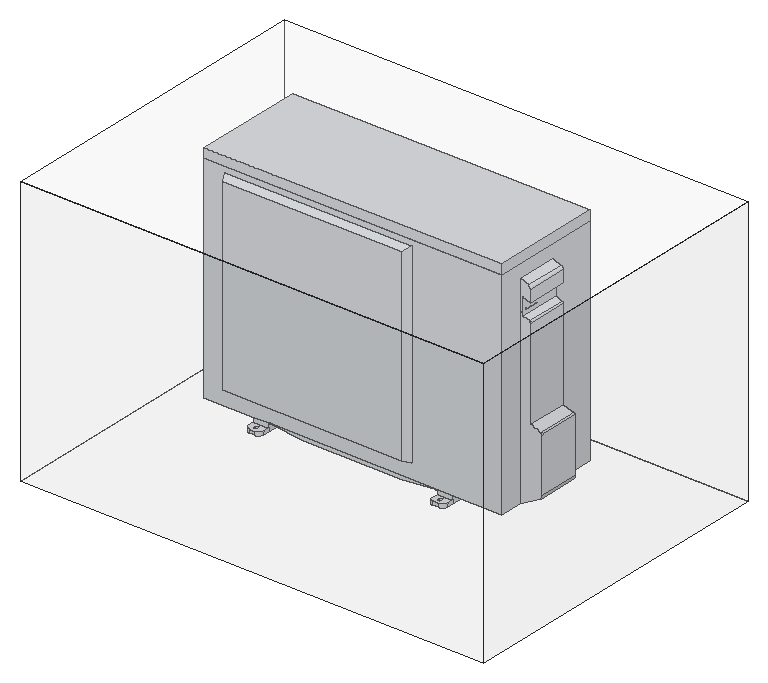
Revit family "puz-zrmp28_63ska13_50hz", category 機械設備, Revit 2019 (continued)
Definition of nested family "PUZ-ZRMP-1"
  Lines and regions (mm)
    model lines, visible <- "タイプ3", not visible
      curve 342: line (-404.5, -100, 907) -> (-404.5, -60, 907)
      curve 343: line (-404.5, -100, 1097) -> (-404.5, -100, 907)
      curve 344: line (-404.5, -60, 1097) -> (-404.5, -100, 1097)
      curve 345: line (-404.5, -60, 907) -> (-404.5, -60, 1097)
      curve 346: line (-404.5, 60, 907) -> (-404.5, 100, 907)
      curve 347: line (-404.5, 60, 1097) -> (-404.5, 60, 907)
      curve 348: line (-404.5, 100, 1097) -> (-404.5, 60, 1097)
      curve 349: line (-404.5, 100, 907) -> (-404.5, 100, 1097)
      curve 350: line (-404.5, -46.667, 907) -> (-404.5, -6.667, 907)
      curve 351: line (-404.5, -46.667, 1097) -> (-404.5, -46.667, 907)
      curve 352: line (-404.5, -6.667, 1097) -> (-404.5, -46.667, 1097)
      curve 353: line (-404.5, -6.667, 907) -> (-404.5, -6.667, 1097)
      curve 354: line (-404.5, 6.667, 907) -> (-404.5, 46.667, 907)
      curve 355: line (-404.5, 6.667, 1097) -> (-404.5, 6.667, 907)
      curve 356: line (-404.5, 46.667, 1097) -> (-404.5, 6.667, 1097)
      curve 357: line (-404.5, 46.667, 907) -> (-404.5, 46.667, 1097)
      curve 358: line (-404.5, -100, 1112) -> (-404.5, -60, 1112)
      curve 359: line (-404.5, -100, 1302) -> (-404.5, -100, 1112)
      curve 360: line (-404.5, -60, 1302) -> (-404.5, -100, 1302)
      curve 361: line (-404.5, -60, 1112) -> (-404.5, -60, 1302)
      curve 362: line (-404.5, 60, 1112) -> (-404.5, 100, 1112)
      curve 363: line (-404.5, 60, 1302) -> (-404.5, 60, 1112)
      curve 364: line (-404.5, 100, 1302) -> (-404.5, 60, 1302)
      curve 365: line (-404.5, 100, 1112) -> (-404.5, 100, 1302)
      curve 366: line (-404.5, -46.667, 1112) -> (-404.5, -6.667, 1112)
      curve 367: line (-404.5, -46.667, 1302) -> (-404.5, -46.667, 1112)
      curve 368: line (-404.5, -6.667, 1302) -> (-404.5, -46.667, 1302)
      curve 369: line (-404.5, -6.667, 1112) -> (-404.5, -6.667, 1302)
      curve 370: line (-404.5, 6.667, 1112) -> (-404.5, 46.667, 1112)
      curve 371: line (-404.5, 6.667, 1302) -> (-404.5, 6.667, 1112)
      curve 372: line (-404.5, 46.667, 1302) -> (-404.5, 6.667, 1302)
      curve 373: line (-404.5, 46.667, 1112) -> (-404.5, 46.667, 1302)
    model lines, visible <- "タイプ2", not visible
      curve 374: line (-600, -100, 33.5) -> (-600, -60, 33.5)
      curve 375: line (-600, -100, 73.5) -> (-600, -100, 33.5)
      curve 376: line (-600, -60, 73.5) -> (-600, -100, 73.5)
      curve 377: line (-600, -60, 33.5) -> (-600, -60, 73.5)
      curve 378: line (-600, 60, 33.5) -> (-600, 100, 33.5)
      curve 379: line (-600, 60, 73.5) -> (-600, 60, 33.5)
      curve 380: line (-600, 100, 73.5) -> (-600, 60, 73.5)
      curve 381: line (-600, 100, 33.5) -> (-600, 100, 73.5)
      curve 382: line (-509, -46.667, 33.5) -> (-509, -6.667, 33.5)
      curve 383: line (-509, -46.667, 73.5) -> (-509, -46.667, 33.5)
      curve 384: line (-509, -6.667, 73.5) -> (-509, -46.667, 73.5)
      curve 385: line (-509, -6.667, 33.5) -> (-509, -6.667, 73.5)
      curve 386: line (-509, 6.667, 33.5) -> (-509, 46.667, 33.5)
      curve 387: line (-509, 6.667, 73.5) -> (-509, 6.667, 33.5)
      curve 388: line (-509, 46.667, 73.5) -> (-509, 6.667, 73.5)
      curve 389: line (-509, 46.667, 33.5) -> (-509, 46.667, 73.5)
      curve 483: line (-404.5, -100, 33.5) -> (-404.5, -60, 33.5)
      curve 484: line (-404.5, -100, 73.5) -> (-404.5, -100, 33.5)
      curve 485: line (-404.5, -60, 73.5) -> (-404.5, -100, 73.5)
      curve 486: line (-404.5, -60, 33.5) -> (-404.5, -60, 73.5)
      curve 487: line (-404.5, 60, 33.5) -> (-404.5, 100, 33.5)
      curve 488: line (-404.5, 60, 73.5) -> (-404.5, 60, 33.5)
      curve 489: line (-404.5, 100, 73.5) -> (-404.5, 60, 73.5)
      curve 490: line (-404.5, 100, 33.5) -> (-404.5, 100, 73.5)
      curve 491: line (-404.5, -46.667, 33.5) -> (-404.5, -6.667, 33.5)
      curve 492: line (-404.5, -46.667, 73.5) -> (-404.5, -46.667, 33.5)
      curve 493: line (-404.5, -6.667, 73.5) -> (-404.5, -46.667, 73.5)
      curve 494: line (-404.5, -6.667, 33.5) -> (-404.5, -6.667, 73.5)
      curve 495: line (-404.5, 6.667, 33.5) -> (-404.5, 46.667, 33.5)
      curve 496: line (-404.5, 6.667, 73.5) -> (-404.5, 6.667, 33.5)
      curve 497: line (-404.5, 46.667, 73.5) -> (-404.5, 6.667, 73.5)
      curve 498: line (-404.5, 46.667, 33.5) -> (-404.5, 46.667, 73.5)
    model lines, not visible
      curve 390: line (-404.5, -100, 87) -> (-404.5, -60, 87)
      curve 391: line (-404.5, -100, 277) -> (-404.5, -100, 87)
      curve 392: line (-404.5, -60, 277) -> (-404.5, -100, 277)
      curve 393: line (-404.5, -60, 87) -> (-404.5, -60, 277)
      curve 394: line (-404.5, -100, 292) -> (-404.5, -60, 292)
      curve 395: line (-404.5, -100, 482) -> (-404.5, -100, 292)
      curve 396: line (-404.5, -60, 482) -> (-404.5, -100, 482)
      curve 397: line (-404.5, -60, 292) -> (-404.5, -60, 482)
      curve 398: line (-404.5, -100, 497) -> (-404.5, -60, 497)
      curve 399: line (-404.5, -100, 687) -> (-404.5, -100, 497)
      curve 400: line (-404.5, -60, 687) -> (-404.5, -100, 687)
      curve 401: line (-404.5, -60, 497) -> (-404.5, -60, 687)
      curve 402: line (-404.5, -100, 702) -> (-404.5, -60, 702)
      curve 403: line (-404.5, -100, 892) -> (-404.5, -100, 702)
      curve 404: line (-404.5, -60, 892) -> (-404.5, -100, 892)
      curve 405: line (-404.5, -60, 702) -> (-404.5, -60, 892)
      curve 406: line (-404.5, 60, 87) -> (-404.5, 100, 87)
      curve 407: line (-404.5, 60, 277) -> (-404.5, 60, 87)
      curve 408: line (-404.5, 100, 277) -> (-404.5, 60, 277)
      curve 409: line (-404.5, 100, 87) -> (-404.5, 100, 277)
      curve 410: line (-404.5, -46.667, 87) -> (-404.5, -6.667, 87)
      curve 411: line (-404.5, -46.667, 277) -> (-404.5, -46.667, 87)
      curve 412: line (-404.5, -6.667, 277) -> (-404.5, -46.667, 277)
      curve 413: line (-404.5, -6.667, 87) -> (-404.5, -6.667, 277)
      curve 414: line (-404.5, 6.667, 87) -> (-404.5, 46.667, 87)
      curve 415: line (-404.5, 6.667, 277) -> (-404.5, 6.667, 87)
      curve 416: line (-404.5, 46.667, 277) -> (-404.5, 6.667, 277)
      curve 417: line (-404.5, 46.667, 87) -> (-404.5, 46.667, 277)
      curve 418: line (-404.5, 60, 292) -> (-404.5, 100, 292)
      curve 419: line (-404.5, 60, 482) -> (-404.5, 60, 292)
      curve 420: line (-404.5, 100, 482) -> (-404.5, 60, 482)
      curve 421: line (-404.5, 100, 292) -> (-404.5, 100, 482)
      curve 422: line (-404.5, 60, 702) -> (-404.5, 100, 702)
      curve 423: line (-404.5, 60, 892) -> (-404.5, 60, 702)
      curve 424: line (-404.5, 100, 892) -> (-404.5, 60, 892)
      curve 425: line (-404.5, 100, 702) -> (-404.5, 100, 892)
      curve 426: line (-404.5, -46.667, 292) -> (-404.5, -6.667, 292)
      curve 427: line (-404.5, -46.667, 482) -> (-404.5, -46.667, 292)
      curve 428: line (-404.5, -6.667, 482) -> (-404.5, -46.667, 482)
      curve 429: line (-404.5, -6.667, 292) -> (-404.5, -6.667, 482)
      curve 430: line (-404.5, -46.667, 497) -> (-404.5, -6.667, 497)
      curve 431: line (-404.5, -46.667, 687) -> (-404.5, -46.667, 497)
      curve 432: line (-404.5, -6.667, 687) -> (-404.5, -46.667, 687)
      curve 433: line (-404.5, -6.667, 497) -> (-404.5, -6.667, 687)
      curve 434: line (-404.5, -46.667, 702) -> (-404.5, -6.667, 702)
      curve 435: line (-404.5, -46.667, 892) -> (-404.5, -46.667, 702)
      curve 436: line (-404.5, -6.667, 892) -> (-404.5, -46.667, 892)
      curve 437: line (-404.5, -6.667, 702) -> (-404.5, -6.667, 892)
      curve 438: line (-404.5, 6.667, 292) -> (-404.5, 46.667, 292)
      curve 439: line (-404.5, 6.667, 482) -> (-404.5, 6.667, 292)
      curve 440: line (-404.5, 46.667, 482) -> (-404.5, 6.667, 482)
      curve 441: line (-404.5, 46.667, 292) -> (-404.5, 46.667, 482)
      curve 442: line (-404.5, 6.667, 497) -> (-404.5, 46.667, 497)
      curve 443: line (-404.5, 6.667, 687) -> (-404.5, 6.667, 497)
      curve 444: line (-404.5, 46.667, 687) -> (-404.5, 6.667, 687)
      curve 445: line (-404.5, 46.667, 497) -> (-404.5, 46.667, 687)
      curve 446: line (-404.5, 6.667, 702) -> (-404.5, 46.667, 702)
      curve 447: line (-404.5, 6.667, 892) -> (-404.5, 6.667, 702)
      curve 448: line (-404.5, 46.667, 892) -> (-404.5, 6.667, 892)
      curve 449: line (-404.5, 46.667, 702) -> (-404.5, 46.667, 892)
      curve 450: line (-338.5, -173.2, 372.5) -> (149.5, -173.2, 372.5)
      curve 451: line (149.5, -173.2, 277.5) -> (-338.5, -173.2, 277.5)
      curve 452: line (-338.5, -173.2, 467.5) -> (149.5, -173.2, 467.5)
      curve 453: line (-338.5, -173.2, 562.5) -> (149.5, -173.2, 562.5)
      curve 454: line (149.5, -173.2, 182.5) -> (-338.5, -173.2, 182.5)
      curve 455: line (149.5, -173.2, 87.5) -> (-338.5, -173.2, 87.5)
      curve 456: line (-321.071, -173.2, 579) -> (-321.071, -173.2, 71)
      curve 457: line (132.071, -173.2, 71) -> (132.071, -173.2, 579)
      curve 458: line (-303.643, -173.2, 579) -> (-303.643, -173.2, 71)
      curve 459: line (-286.214, -173.2, 579) -> (-286.214, -173.2, 71)
      curve 460: line (-268.786, -173.2, 579) -> (-268.786, -173.2, 71)
      curve 461: line (-251.357, -173.2, 579) -> (-251.357, -173.2, 71)
      curve 462: line (-233.929, -173.2, 579) -> (-233.929, -173.2, 71)
      curve 463: line (-216.5, -173.2, 579) -> (-216.5, -173.2, 71)
      curve 464: line (-199.071, -173.2, 579) -> (-199.071, -173.2, 71)
      curve 465: line (-181.643, -173.2, 579) -> (-181.643, -173.2, 71)
      curve 466: line (-164.214, -173.2, 579) -> (-164.214, -173.2, 71)
      curve 467: line (-146.786, -173.2, 579) -> (-146.786, -173.2, 71)
      curve 468: line (-129.357, -173.2, 579) -> (-129.357, -173.2, 71)
      curve 469: line (-111.929, -173.2, 579) -> (-111.929, -173.2, 71)
      curve 470: line (-94.5, -173.2, 579) -> (-94.5, -173.2, 71)
      curve 471: line (-77.071, -173.2, 579) -> (-77.071, -173.2, 71)
      curve 472: line (-59.643, -173.2, 579) -> (-59.643, -173.2, 71)
      curve 473: line (-42.214, -173.2, 579) -> (-42.214, -173.2, 71)
      curve 474: line (-24.786, -173.2, 579) -> (-24.786, -173.2, 71)
      curve 475: line (-7.357, -173.2, 579) -> (-7.357, -173.2, 71)
      curve 476: line (10.071, -173.2, 579) -> (10.071, -173.2, 71)
      curve 477: line (27.5, -173.2, 579) -> (27.5, -173.2, 71)
      curve 478: line (44.929, -173.2, 579) -> (44.929, -173.2, 71)
      curve 479: line (62.357, -173.2, 579) -> (62.357, -173.2, 71)
      curve 480: line (79.786, -173.2, 579) -> (79.786, -173.2, 71)
      curve 481: line (97.214, -173.2, 579) -> (97.214, -173.2, 71)
      curve 482: line (114.643, -173.2, 579) -> (114.643, -173.2, 71)
    symbolic lines, visible <- "タイプ1"
      curve 499: line (-278.151, 150, 630) -> (-404.5, 150, 630)
      curve 500: line (-404.5, 150, 630) -> (-404.5, -5.599, 630)
      curve 501: line (-404.5, 40, 630) -> (-424.5, 30, 630)
      curve 502: line (-424.5, 30, 630) -> (-424.5, -30, 630)
      curve 503: line (-424.5, -30, 630) -> (-404.5, -40, 630)
      curve 504: line (-404.5, -5.599, 630) -> (-404.5, -150, 630)
      curve 505: line (-404.5, -150, 630) -> (-301.612, -150, 630)
      curve 506: arc (-272.806, -170, 630) -> (-268.124, -177.204, 630) -> (-260, -180, 630) r 13.2
      curve 507: line (-260, -180, 630) -> (-243.332, -180, 630)
      curve 508: arc (-243.332, -180, 630) -> (-235.208, -177.204, 630) -> (-230.526, -170, 630) r 13.2
      curve 509: line (-301.612, -150, 630) -> (280.999, -150, 630)
      curve 510: line (230, -150, 630) -> (230, -170, 630)
      curve 511: arc (230, -170, 630) -> (232.929, -177.071, 630) -> (240, -180, 630) r 10
      curve 512: line (240, -180, 630) -> (256.8, -180, 630)
      curve 513: arc (256.8, -180, 630) -> (266.134, -176.134, 630) -> (270, -166.8, 630) r 13.2
      curve 514: line (270, -166.8, 630) -> (270, -150, 630)
      curve 515: line (280.999, -150, 630) -> (404.5, -150, 630)
      curve 516: line (404.5, -150, 630) -> (404.5, -77.105, 630)
      curve 517: line (404.5, -90, 630) -> (466.5, -90, 630)
      curve 518: line (466.5, -90, 630) -> (466.5, 20, 630)
      curve 519: line (466.5, 20, 630) -> (404.5, 20, 630)
      curve 520: line (404.5, -77.105, 630) -> (404.5, 150, 630)
      curve 521: line (404.5, 150, 630) -> (308.975, 150, 630)
      curve 522: line (270, 150, 630) -> (270, 180, 630)
      curve 523: line (270, 180, 630) -> (230, 180, 630)
      curve 524: line (230, 180, 630) -> (230, 150, 630)
      curve 525: line (308.975, 150, 630) -> (-278.151, 150, 630)
      curve 526: line (-230, 150, 630) -> (-230, 180, 630)
      curve 527: line (-230, 180, 630) -> (-270, 180, 630)
      curve 528: line (-270, 180, 630) -> (-270, 150, 630)
      curve 529: line (-324.5, 100, 630) -> (324.5, 100, 630)
      curve 530: line (-324.5, 40, 630) -> (-324.5, 100, 630)
      curve 531: line (324.5, 40, 630) -> (-324.5, 40, 630)
      curve 532: line (324.5, 100, 630) -> (324.5, 40, 630)
      curve 533: line (324.5, 30, 630) -> (-324.5, 30, 630)
      curve 534: line (324.5, -30, 630) -> (324.5, 30, 630)
      curve 535: line (-324.5, -30, 630) -> (324.5, -30, 630)
      curve 536: line (-324.5, 30, 630) -> (-324.5, -30, 630)
      curve 537: line (-324.5, -40, 630) -> (324.5, -40, 630)
      curve 538: line (-324.5, -100, 630) -> (-324.5, -40, 630)
      curve 539: line (324.5, -100, 630) -> (-324.5, -100, 630)
      curve 540: line (324.5, -40, 630) -> (324.5, -100, 630)
      curve 541: line (339.5, 100, 630) -> (354.5, 100, 630)
      curve 542: line (339.5, -100, 630) -> (339.5, 100, 630)
      curve 543: line (354.5, -100, 630) -> (339.5, -100, 630)
      curve 544: line (354.5, 100, 630) -> (354.5, -100, 630)
      curve 545: line (-354.5, 100, 630) -> (-339.5, 100, 630)
      curve 546: line (-354.5, -100, 630) -> (-354.5, 100, 630)
      curve 547: line (-339.5, -100, 630) -> (-354.5, -100, 630)
      curve 548: line (-339.5, 100, 630) -> (-339.5, -100, 630)
      curve 549: line (-338.5, -170, 630) -> (149.5, -170, 630)
      curve 550: line (149.5, -170, 630) -> (159.5, -150, 630)
      curve 551: line (-348.5, -150, 630) -> (-338.5, -170, 630)
  Dimensions and locks
    equal spacing: plane 8, plane 1 "中心(正面/背面)", plane 7
    "奥行き": plane 8 to plane 7
    equal spacing: plane 5, plane 3 "中心(左/右)", plane 6
    "幅さ": plane 5 to plane 6
    "高さ": plane 4 to level
    locked: plane 6 to plane 9 at 62
    locked: plane 8 to plane 10 at 60
    locked: plane 8 to plane 11 at 170
    locked: plane 4 to plane 12 at 25
    locked: plane 13 to plane 5 at 20
    "吊りボルト-D": plane 17 to plane 16
    equal spacing: plane 17, plane 1 "中心(正面/背面)", plane 16
    equal spacing: plane 14, plane 3 "中心(左/右)", plane 15
    "吊りボルト-W": plane 14 to plane 15
    plane 21 to plane 14 to plane 20 = 20 mm locked, 20 mm locked
    plane 19 to plane 15 to plane 18 = 20 mm locked, 20 mm locked
    locked: plane 16 to plane 22 at 15
    locked: plane 23 to plane 17 at 15
    locked: plane 24 to level at 8.5
    locked: plane 25 to level at 20
    locked: plane 26 to plane 24 at 3
    locked: plane 4 to plane 29 at 5
    plane 7 to plane 1 "中心(正面/背面)" to plane 8 = 150 mm, 150 mm
    plane 31 to plane 1 "中心(正面/背面)" to plane 30 = 40 mm locked, 40 mm locked
    plane 33 to plane 1 "中心(正面/背面)" to plane 32 = 30 mm locked, 30 mm locked
    locked: plane 34 to plane 12 at 5
    locked: plane 35 to level at 55
    locked: plane 36 to level at 225
    equal spacing: plane 6, plane 39, plane 9
    locked: plane 6 to plane 38 at 10
    locked: plane 20 to plane 27 at 95
    locked: plane 28 to plane 19 at 95
    "換気-D": plane 40 to plane 8
    "換気-W": plane 41 to plane 5
    "換気-H1": plane 42 to level
    plane 43 to plane 41 to plane 44 = 254 mm locked, 254 mm locked
    plane 45 to plane 42 to plane 46 = 264 mm locked, 264 mm locked
    locked: plane 43 to plane 48 at 10
    locked: plane 47 to plane 44 at 10
    locked: plane 45 to plane 49 at 10
    locked: plane 50 to plane 46 at 10
    locked: curve 26 to plane 50 at 16.5
    locked: plane 49 to curve 24 at 16.5
    equal spacing: curve 24, curve 23, curve 21, curve 22, curve 25, curve 26
    equal spacing: plane 48, curve 28, curve 53, curve 52, curve 51, curve 50, curve 49, curve 48, curve 47, curve 46, curve 45, curve 44, curve 43, curve 42, curve 41, curve 40, curve 39, curve 38, curve 37, curve 36, curve 35, curve 34, curve 33, curve 32, curve 31, curve 30, curve 29, curve 27, plane 47
    locked: curve 4 to curve 6 at 10
    locked: curve 3 to curve 5 at 10
    locked: plane 51 to plane 7 at 50
    locked: plane 8 to plane 52 at 50
    equal spacing: group 1, group 2, group 3, group 4, group 5, group 6, group 7, group 8, group 9, group 10, group 11, group 12, group 13, group 14, group 15, group 16, group 17, group 18  (x2)
    equal spacing: group 18, group 17, group 16, group 15, group 14, group 13, group 12, group 11, group 10, group 9, group 8, group 7, group 6, group 5, group 4, group 3, group 2, group 1
    "ドレン管径-X": plane 5 to plane 53
    "ドレン管径-Y": plane 8 to plane 54
    "配線取出口-Y": plane 57 to plane 7
    "冷媒液管径-Y": plane 58 to plane 7
    "冷媒ガス管径-Y": plane 59 to plane 7
    "配線取出口-X": plane 3 "中心(左/右)" to plane 56
    "冷媒ガス管径-X": plane 3 "中心(左/右)" to plane 55
    "冷媒液管径-X": plane 3 "中心(左/右)" to plane 60
    "冷媒液管径-Z": plane 62 to level
    "冷媒ガス管径-Z": plane 61 to level
    "配線取出口-Z": plane 63 to level
    locked: plane 57 to plane 64 at 50
    locked: plane 65 to plane 61 at 37.8
    locked: plane 66 to plane 62 at 16.1
    equal spacing: plane 55, plane 67, plane 60
    equal spacing: plane 58, plane 68, plane 59
    "a": plane 69 "グループ" to plane 3 "中心(左/右)"
    plane 71 to level = 943 mm
    plane 70 to level = 1338 mm
    locked: plane 37 to level at 570
    curve 21 to plane 42 to curve 22 = 47.5 mm locked, 47.5 mm locked
    "換気-H2": plane 72 to plane 42
    plane 73 to plane 72 to plane 74 = 264 mm locked, 264 mm locked
    locked: plane 76 to plane 74 at 10
    locked: plane 73 to plane 75 at 10
    plane 48 to plane 47 = 488 mm
    plane 68 to plane 7 = 185.5 mm
    plane 61 to level = 99.5 mm
    plane 65 to plane 61 = 37.8 mm
    plane 62 to level = 164.5 mm
    plane 66 to plane 62 = 16.1 mm
    plane 68 to plane 77 to plane 78 = 23 mm locked, 17.5 mm locked
    plane 68 to plane 77 = 23 mm
    plane 77 to plane 78 = 17.5 mm
    equal spacing: plane 77, plane 79, plane 78
    "ドレン配管サイズ": diameter of Extrusion 3 sketch curve
    "配線取出口サイズ": diameter of Extrusion 9 sketch curve
    "吊りボルト-φ": diameter of Extrusion 10 sketch curve  (x4)
    "冷媒配管サイズ": diameter of Sweep 11 sketch curve
    "ガス配管サイズ": diameter of Sweep 12 sketch curve
    aligned and locked: level to plane 2
    aligned and locked: Extrusion 1 to level
    aligned and locked: plane 25 to Extrusion 1
    aligned and locked: Extrusion 2 sketch curve to plane 25
    aligned and locked: Extrusion 2 sketch curve to plane 26
    aligned and locked: Extrusion 2 to plane 7
    aligned and locked: plane 8 to Extrusion 2
    aligned and locked: Extrusion 3 to plane 26
    aligned and locked: Extrusion 3 to plane 24
    aligned and locked: Extrusion 4 sketch curve to plane 7
    aligned and locked: Extrusion 4 sketch curve to plane 8
    aligned and locked: Extrusion 4 sketch curve to plane 5
    aligned and locked: Extrusion 4 sketch curve to plane 6
    aligned and locked: Extrusion 4 to plane 25
    aligned and locked: plane 12 to Extrusion 4
    aligned and locked: Extrusion 5 sketch curve to Extrusion 4  (x4)
    aligned and locked: Extrusion 5 to plane 12
    aligned and locked: plane 4 to Extrusion 5
    aligned and locked: plane 29 to Blend 6 sketch curve
    aligned and locked: Blend 6 sketch curve to plane 31
    aligned and locked: Blend 6 sketch curve to plane 12  (x2)
    aligned and locked: plane 30 to Blend 6 sketch curve
    aligned and locked: plane 34 to Blend 6 sketch curve
    aligned and locked: Blend 6 sketch curve to plane 33
    aligned and locked: plane 32 to Blend 6 sketch curve
    aligned and locked: Blend 6 to plane 13
    aligned and locked: plane 5 to Blend 6
    aligned and locked: Extrusion 7 sketch curve to plane 6
    aligned and locked: Extrusion 7 sketch curve to plane 9
    aligned and locked: Extrusion 7 sketch curve to plane 39
    aligned and locked: Extrusion 7 sketch curve to Extrusion 7 sketch curve
    aligned and locked: Extrusion 7 sketch curve to plane 38
    aligned and locked: Extrusion 7 to plane 11
    aligned and locked: plane 10 to Extrusion 7
    aligned and locked: Blend 8 sketch curve to plane 45
    aligned and locked: Blend 8 sketch curve to plane 46
    aligned and locked: Blend 8 sketch curve to plane 44
    aligned and locked: Blend 8 sketch curve to plane 43
    aligned and locked: Blend 8 sketch curve to plane 49
    aligned and locked: Blend 8 sketch curve to plane 47
    aligned and locked: Blend 8 sketch curve to plane 48
    aligned and locked: Blend 8 sketch curve to plane 50
    aligned and locked: Blend 8 to plane 8
    aligned and locked: plane 40 to Blend 8
    aligned and locked: curve 17 to plane 51
    aligned and locked: curve 1 to plane 51
    aligned and locked: plane 51 to curve 19
    aligned and locked: curve 18 to plane 52
    aligned and locked: plane 52 to curve 2
    aligned and locked: plane 52 to curve 20
    aligned and locked: plane 53 to Extrusion 3 sketch curve
    aligned and locked: plane 54 to Extrusion 3 sketch curve
    aligned and locked: plane 63 to Extrusion 9 sketch curve
    aligned and locked: plane 56 to Extrusion 9 sketch curve
    aligned and locked: plane 57 to Extrusion 9
    aligned and locked: Extrusion 9 to plane 64
    aligned and locked: plane 22 to Extrusion 10 sketch curve  (x4)
    aligned and locked: plane 21 to Extrusion 10 sketch curve
    aligned and locked: Extrusion 2 to Extrusion 10 sketch curve  (x2)
    aligned and locked: Extrusion 10 sketch curve to Extrusion 1  (x6)
    aligned and locked: plane 19 to Extrusion 10 sketch curve
    aligned and locked: Extrusion 10 sketch curve to plane 23  (x2)
    aligned and locked: Extrusion 10 sketch curve to plane 18
    aligned and locked: Extrusion 10 sketch curve to plane 20
    aligned and locked: plane 16 to Extrusion 10 sketch curve  (x2)
    aligned and locked: plane 14 to Extrusion 10 sketch curve  (x2)
    aligned and locked: plane 17 to Extrusion 10 sketch curve  (x2)
    aligned and locked: plane 15 to Extrusion 10 sketch curve  (x2)
    aligned and locked: level to Extrusion 10
    aligned and locked: plane 24 to Extrusion 10
    aligned and locked: Masking region 1 sketch curve to Extrusion 5  (x4)
    aligned and locked: Masking region 1 sketch curve to Blend 6  (x3)
    aligned and locked: Masking region 1 sketch curve to Extrusion 7  (x2)
    aligned and locked: Masking region 1 sketch curve to plane 9
    aligned and locked: Masking region 1 sketch curve to Extrusion 10  (x8)
    aligned and locked: Masking region 1 to curve 499
    aligned and locked: curve 500 to Masking region 1
    aligned and locked: curve 501 to Masking region 1
    aligned and locked: curve 502 to Masking region 1
    aligned and locked: curve 503 to Masking region 1
    aligned and locked: curve 504 to Masking region 1
    aligned and locked: curve 505 to Masking region 1
    aligned and locked: curve 506 to Masking region 1
    aligned and locked: curve 508 to Masking region 1
    aligned and locked: curve 510 to Masking region 1
    aligned and locked: curve 511 to Masking region 1
    aligned and locked: curve 513 to Masking region 1
    aligned and locked: Masking region 1 to curve 515
    aligned and locked: curve 516 to Masking region 1
    aligned and locked: curve 517 to Masking region 1
    aligned and locked: curve 518 to Masking region 1
    aligned and locked: curve 519 to Masking region 1
    aligned and locked: curve 520 to Masking region 1
    aligned and locked: curve 521 to Masking region 1
    aligned and locked: curve 522 to Masking region 1
    aligned and locked: curve 523 to Masking region 1
    aligned and locked: curve 524 to Masking region 1
    aligned and locked: curve 525 to Masking region 1
    aligned and locked: curve 526 to Masking region 1
    aligned and locked: curve 527 to Masking region 1
    aligned and locked: curve 528 to Masking region 1
    aligned and locked: curve 532 to curve 12
    aligned and locked: Masking region 1 sketch curve to curve 21
    aligned and locked: Masking region 1 sketch curve to Blend 8  (x2)
    aligned and locked: curve 549 to Blend 8
    aligned and locked: curve 550 to Blend 8
    aligned and locked: curve 551 to Blend 8
    aligned and locked: plane 78 to Sweep 12 sketch curve
    aligned and locked: plane 58 to Sweep 12 sketch curve
    aligned and locked: plane 77 to Sweep 11 sketch curve
    aligned and locked: plane 58 to Sweep 11 sketch curve
    aligned and locked: plane 61 to Sweep 12 sketch curve
  Automatic sketch dimensions
    Extrusion 2 sketch curve to plane 20 = 0 mm
    Extrusion 2 sketch curve to plane 27 = 0 mm
    Extrusion 2 sketch curve to plane 28 = 0 mm
    Extrusion 2 sketch curve to plane 19 = 0 mm
    Extrusion 7 sketch curve to plane 39 = 0 mm
    Extrusion 7 sketch curve to plane 25 = 0 mm
    Extrusion 7 sketch curve to plane 36 = 0 mm
    Extrusion 7 sketch curve to plane 37 = 0 mm
    Extrusion 7 sketch curve to Extrusion 7 sketch curve = 10 mm
    Extrusion 7 sketch curve to plane 39 = 6.58 mm
    Extrusion 7 sketch curve to Extrusion 7 sketch curve = 5 mm  (x2)
    plane 39 to Extrusion 7 sketch curve = 21 mm
    Extrusion 7 sketch curve to plane 39 = 3.29 mm
    Extrusion 7 sketch curve to plane 9 = 3.29 mm
    Extrusion 7 sketch curve to plane 35 = 2.87 mm
    Extrusion 7 sketch curve to Extrusion 7 sketch curve = 81.633 mm
    Extrusion 7 sketch curve to Extrusion 7 sketch curve = 30.244 mm
    Extrusion 7 sketch curve to Extrusion 7 sketch curve = 7.643 mm
    plane 7 to Extrusion 1 sketch curve = 0 mm  (x2)
    Extrusion 1 sketch curve to plane 18 = 0 mm
    plane 8 to Extrusion 1 sketch curve = 0 mm  (x2)
    Extrusion 1 sketch curve to plane 19 = 0 mm
    Extrusion 1 sketch curve to plane 20 = 0 mm
    Extrusion 1 sketch curve to plane 21 = 0 mm
    curve 383 to curve 384 = 40 mm
    curve 382 to curve 386 = 13.333 mm
    curve 386 to curve 386 = 40 mm
    curve 382 to curve 389 = 0 mm
    curve 382 to curve 384 = 40 mm
    curve 384 to curve 387 = 0 mm
    curve 375 to curve 376 = 40 mm
    curve 374 to curve 378 = 120 mm
    curve 378 to curve 378 = 40 mm
    curve 374 to curve 381 = 0 mm
    curve 374 to curve 376 = 40 mm
    curve 378 to curve 379 = 40 mm
    curve 25 to plane 47 = 0 mm
    curve 24 to plane 47 = 0 mm
    curve 22 to plane 47 = 0 mm
    curve 23 to plane 47 = 0 mm
    curve 26 to plane 47 = 0 mm
    curve 21 to plane 47 = 0 mm
    curve 24 to plane 48 = 0 mm
    curve 25 to plane 48 = 0 mm
    curve 26 to plane 48 = 0 mm
    curve 23 to plane 48 = 0 mm
    curve 22 to plane 48 = 0 mm
    curve 21 to plane 48 = 0 mm
    curve 37 to plane 50 = 0 mm
    curve 52 to plane 50 = 0 mm
    curve 51 to plane 50 = 0 mm
    curve 50 to plane 50 = 0 mm
    curve 49 to plane 50 = 0 mm
    curve 48 to plane 50 = 0 mm
    curve 47 to plane 50 = 0 mm
    curve 46 to plane 50 = 0 mm
    curve 45 to plane 50 = 0 mm
    curve 44 to plane 50 = 0 mm
    curve 43 to plane 50 = 0 mm
    curve 42 to plane 50 = 0 mm
    curve 41 to plane 50 = 0 mm
    curve 27 to plane 50 = 0 mm
    curve 28 to plane 50 = 0 mm
    curve 40 to plane 50 = 0 mm
    curve 39 to plane 50 = 0 mm
    curve 29 to plane 50 = 0 mm
    curve 38 to plane 50 = 0 mm
    curve 30 to plane 50 = 0 mm
    curve 53 to plane 50 = 0 mm
    curve 31 to plane 50 = 0 mm
    curve 36 to plane 50 = 0 mm
    curve 32 to plane 50 = 0 mm
    curve 35 to plane 50 = 0 mm
    curve 33 to plane 50 = 0 mm
    curve 34 to plane 50 = 0 mm
    curve 28 to plane 49 = 0 mm
    curve 41 to plane 49 = 0 mm
    curve 27 to plane 49 = 0 mm
    curve 42 to plane 49 = 0 mm
    curve 31 to plane 49 = 0 mm
    curve 40 to plane 49 = 0 mm
    curve 37 to plane 49 = 0 mm
    curve 39 to plane 49 = 0 mm
    curve 32 to plane 49 = 0 mm
    curve 45 to plane 49 = 0 mm
    curve 36 to plane 49 = 0 mm
    curve 46 to plane 49 = 0 mm
    curve 43 to plane 49 = 0 mm
    curve 47 to plane 49 = 0 mm
    curve 29 to plane 49 = 0 mm
    curve 48 to plane 49 = 0 mm
    curve 30 to plane 49 = 0 mm
    curve 49 to plane 49 = 0 mm
    curve 44 to plane 49 = 0 mm
    curve 50 to plane 49 = 0 mm
    curve 33 to plane 49 = 0 mm
    curve 51 to plane 49 = 0 mm
    curve 35 to plane 49 = 0 mm
    curve 52 to plane 49 = 0 mm
    curve 38 to plane 49 = 0 mm
    curve 53 to plane 49 = 0 mm
    curve 34 to plane 49 = 0 mm
    Masking region 1 sketch curve to plane 5 = 0 mm
    Masking region 1 sketch curve to plane 6 = 0 mm
    plane 7 to Masking region 1 sketch curve = 0 mm  (x2)
    Masking region 1 sketch curve to plane 15 = 10 mm
    Masking region 1 sketch curve to plane 19 = 0 mm
    plane 8 to Masking region 1 sketch curve = 0 mm  (x2)
    plane 32 to curve 535 = 0 mm
    plane 33 to curve 534 = 0 mm
    curve 541 to plane 56 = 45.5 mm
    curve 13 to curve 20 = 15 mm
    plane 18 to curve 535 = 54.5 mm
    curve 532 to curve 6 = 0 mm
    curve 537 to curve 5 = 0 mm
    plane 47 to curve 536 = 14 mm
    plane 47 to curve 538 = 14 mm
    plane 47 to curve 1 = 14 mm
    curve 16 to plane 47 = 1 mm
    curve 15 to plane 44 = 6 mm
    plane 1 "中心(正面/背面)" to curve 504 = 5.599 mm
    curve 528 to curve 499 = 8.151 mm
    curve 521 to curve 522 = 38.975 mm
    curve 516 to plane 10 = 12.895 mm
    curve 515 to curve 514 = 10.999 mm
    plane 40 to Masking region 1 sketch curve = 0 mm
    Masking region 1 sketch curve to plane 40 = 3.2 mm  (x2)
    Masking region 1 sketch curve to plane 14 = 10 mm
    Masking region 1 sketch curve to plane 20 = 0.526 mm
    curve 509 to plane 21 = 31.612 mm
    Sweep 12 sketch curve to plane 65 = 0 mm
    Sweep 11 sketch curve to plane 62 = 0 mm
    Sweep 11 sketch curve to plane 66 = 0 mm
    plane 40 to Extrusion 10 sketch curve = 0 mm
    plane 17 to Extrusion 10 sketch curve = 0 mm  (x2)
    Extrusion 10 sketch curve to Extrusion 10 sketch curve = 1.8 mm  (x3)
    plane 17 to Extrusion 10 sketch curve = 1.8 mm  (x2)
    Extrusion 10 sketch curve to Extrusion 10 sketch curve = 0 mm
    Sweep 11 sketch curve to plane 67 = 0 mm
    Sweep 11 sketch curve to profile plane = 0 mm
    Sweep 12 sketch curve to plane 67 = 0 mm
    Sweep 12 sketch curve to profile plane = 0 mm
Definition of nested family "固定点"
  Parameters (values of type "固定点")
    中心円 = if(W > 599 mm, 12 mm, 10 mm)  # 12 mm
    W = 1000 mm
    D = 1000 mm
  Reference planes
    plane 1 "中心(正面/背面)": y = 0
    plane 2: z = 0
    plane 3 "中心(左/右)": x = 0
    plane 4: x = 1000
    plane 5: y = 1000
  Lines and regions (mm)
    symbolic lines, detail levels fine
      curve 1: circle (0, 1000, 0) r 6 normal (0, 0, 1)
      curve 2: circle (0, 0, 0) r 6 normal (0, 0, 1)
      curve 3: circle (1000, 1000, 0) r 6 normal (0, 0, 1)
      curve 4: circle (1000, 0, 0) r 6 normal (0, 0, 1)
      curve 5: line (-200, 1000, 0) -> (1200, 1000, 0)
      curve 6: line (-200, 0, 0) -> (1200, 0, 0)
      curve 7: line (0, 1200, 0) -> (0, -200, 0)
      curve 8: line (1000, 1200, 0) -> (1000, -200, 0)
  Dimensions and locks
    "W": plane 3 "中心(左/右)" to plane 4
    "D": plane 1 "中心(正面/背面)" to plane 5
    "中心円": diameter of curve 1
    "中心円": diameter of curve 2
    "中心円": diameter of curve 3
    "中心円": diameter of curve 4
    aligned and locked: level to plane 2
    aligned and locked: plane 5 to curve 1
    aligned and locked: plane 3 "中心(左/右)" to curve 1
    aligned and locked: plane 3 "中心(左/右)" to curve 2
    aligned and locked: plane 1 "中心(正面/背面)" to curve 2
    aligned and locked: plane 4 to curve 3
    aligned and locked: plane 5 to curve 3
    aligned and locked: plane 1 "中心(正面/背面)" to curve 4
    aligned and locked: plane 4 to curve 4
    aligned and locked: plane 1 "中心(正面/背面)" to curve 6
    aligned and locked: curve 7 to plane 3 "中心(左/右)"
    aligned and locked: curve 8 to plane 4
  Automatic sketch dimensions
    curve 5 to plane 5 = 0 mm
    curve 6 to plane 3 "中心(左/右)" = 200 mm
    curve 5 to plane 3 "中心(左/右)" = 200 mm
    curve 4 to curve 6 = 200 mm
    curve 3 to curve 5 = 200 mm
    plane 1 "中心(正面/背面)" to curve 8 = 200 mm
    plane 1 "中心(正面/背面)" to curve 7 = 200 mm
    curve 3 to curve 8 = 200 mm
    curve 1 to curve 7 = 200 mm
Types (12, lengths in mm): name | 音響パワーレベル（冷）(dB) | 音響パワーレベル(dB) | 電動機出力_圧縮機 | 質量 | 製品質量 | 相 | 構成品番 | 極数 | 暖房能力 | 推奨ブレーカー容量 | 冷房能力
  室外機_PUZ-ZRMP28SKA13 (-BS,BSG) | 64 | 66 | 0.5 kW | 44.40 kg | 37.00 kg | 1 | "PUZ-ZRMP28SKA13 (-BS,-BSG)" | 1 | 2.8 kW | 20 A | 2.5 kW
  室外機_PUZ-ZRMP28KA13 (-BS,BSG) | 64 | 66 | 0.5 kW | 43.20 kg | 36.00 kg | 3 | "PUZ-ZRMP28KA13 (-BS,-BSG)" | 3 | 2.8 kW | 15 A | 2.5 kW
  室外機_PUZ-ZRMP40SKA13 (-BS,BSG) | 64 | 66 | 0.6 kW | 51.60 kg | 43.00 kg | 1 | "PUZ-ZRMP40SKA13 (-BS,-BSG)" | 1 | 4 kW | 20 A | 3.6 kW
  室外機_PUZ-ZRMP40KA13 (-BS,BSG) | 64 | 66 | 0.6 kW | 49.20 kg | 41.00 kg | 3 | "PUZ-ZRMP40KA13 (-BS,-BSG)" | 3 | 4 kW | 15 A | 3.6 kW
  室外機_PUZ-ZRMP45SKA13 (-BS,BSG) | 64 | 66 | 0.7 kW | 51.60 kg | 43.00 kg | 1 | "PUZ-ZRMP45SKA13 (-BS,-BSG)" | 1 | 4.5 kW | 20 A | 4 kW
  室外機_PUZ-ZRMP45KA13 (-BS,BSG) | 64 | 66 | 0.7 kW | 49.20 kg | 41.00 kg | 3 | "PUZ-ZRMP45KA13 (-BS,-BSG)" | 3 | 4.5 kW | 15 A | 4 kW
  室外機_PUZ-ZRMP50SKA13 (-BS,BSG) | 65 | 67 | 0.8 kW | 51.60 kg | 43.00 kg | 1 | "PUZ-ZRMP50SKA13 (-BS,-BSG)" | 1 | 5 kW | 20 A | 4.5 kW
  室外機_PUZ-ZRMP50KA13 (-BS,BSG) | 65 | 67 | 0.8 kW | 49.20 kg | 41.00 kg | 3 | "PUZ-ZRMP50KA13 (-BS,-BSG)" | 3 | 5 kW | 15 A | 4.5 kW
  室外機_PUZ-ZRMP56SKA13 (-BS,BSG) | 65 | 67 | 0.9 kW | 51.60 kg | 43.00 kg | 1 | "PUZ-ZRMP56SKA13 (-BS,-BSG)" | 1 | 5.6 kW | 20 A | 5 kW
  室外機_PUZ-ZRMP56KA13 (-BS,BSG) | 65 | 67 | 0.9 kW | 49.20 kg | 41.00 kg | 3 | "PUZ-ZRMP56KA13 (-BS,-BSG)" | 3 | 5.6 kW | 15 A | 5 kW
  室外機_PUZ-ZRMP63SKA13 (-BS,BSG) | 65 | 67 | 1.2 kW | 51.60 kg | 43.00 kg | 1 | "PUZ-ZRMP63SKA13 (-BS,-BSG)" | 1 | 6.3 kW | 30 A | 5.6 kW
  室外機_PUZ-ZRMP63KA13 (-BS,BSG) | 65 | 67 | 1.2 kW | 50.40 kg | 42.00 kg | 3 | "PUZ-ZRMP63KA13 (-BS,-BSG)" | 3 | 6.3 kW | 15 A | 5.6 kW
